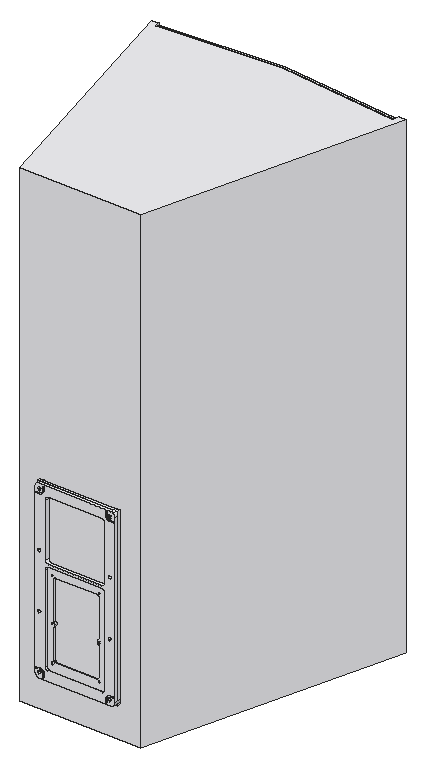
Revit family "EVF-1122D ", category Communication Devices, Revit 2017 (continued)
Definition of nested family "InputPanelV"
  Lines and regions (mm)
    model lines
      curve 865: line (24.922, -4.337, 83.63) -> (24.922, -4.337, 82.939)
      curve 866: line (24.922, -4.337, 82.939) -> (24.635, -4.337, 82.939)
      curve 867: line (24.635, -4.337, 82.939) -> (24.635, -4.337, 80.821)
      curve 868: line (24.635, -4.337, 80.821) -> (24.923, -4.337, 80.821)
      curve 869: line (24.923, -4.337, 80.821) -> (24.922, -4.337, 82.939)
      curve 870: line (2.646, -4.337, 82.333) -> (4.834, -4.337, 84.126)
      curve 871: line (4.834, -4.337, 84.126) -> (5.167, -4.337, 83.635)
      curve 872: line (8.952, -4.337, 82.333) -> (11.141, -4.337, 84.127)
      curve 873: line (11.141, -4.337, 84.127) -> (11.473, -4.337, 83.636)
      curve 874: line (2.391, -4.337, 82.36) -> (4.343, -4.337, 83.959)
      curve 875: line (4.343, -4.337, 83.959) -> (4.343, -4.337, 84.529)
      curve 876: line (4.343, -4.337, 84.529) -> (1.855, -4.337, 82.491)
      curve 877: line (8.697, -4.337, 82.36) -> (10.649, -4.337, 83.96)
      curve 878: line (10.649, -4.337, 83.96) -> (10.649, -4.337, 84.529)
      curve 879: line (10.649, -4.337, 84.529) -> (8.162, -4.337, 82.491)
      curve 880: line (15.004, -4.337, 82.361) -> (16.955, -4.337, 83.961)
      curve 881: line (16.955, -4.337, 83.961) -> (16.955, -4.337, 84.53)
      curve 882: line (16.955, -4.337, 84.53) -> (14.468, -4.337, 82.492)
      curve 883: line (15.258, -4.337, 82.334) -> (17.447, -4.337, 84.128)
      curve 884: line (17.447, -4.337, 84.128) -> (17.779, -4.337, 83.637)
      curve 885: line (21.565, -4.337, 82.335) -> (23.753, -4.337, 84.128)
      curve 886: line (23.753, -4.337, 84.128) -> (24.086, -4.337, 83.637)
      curve 887: line (21.31, -4.337, 82.362) -> (23.262, -4.337, 83.961)
      curve 888: line (23.262, -4.337, 83.961) -> (23.262, -4.337, 84.531)
      curve 889: line (23.262, -4.337, 84.531) -> (20.774, -4.337, 82.493)
      curve 890: line (21.88, -4.337, 79.397) -> (24.923, -4.337, 79.398)
      curve 891: line (24.923, -4.337, 79.398) -> (24.924, -4.337, 73.974)
      curve 892: line (24.924, -4.337, 73.974) -> (-0.302, -4.337, 73.971)
      curve 893: line (-0.302, -4.337, 73.971) -> (-0.302, -4.337, 79.395)
      curve 894: line (24.923, -4.337, 80.821) -> (24.923, -4.337, 79.398)
      curve 895: line (24.924, -4.337, 73.974) -> (24.924, -4.337, 73.648)
      curve 896: line (24.924, -4.337, 73.648) -> (-0.302, -4.337, 73.645)
      curve 897: line (-0.302, -4.337, 73.645) -> (-0.302, -4.337, 73.971)
      curve 898: line (-0.302, -4.337, 73.971) -> (-0.429, -4.337, 73.842)
      curve 899: line (-0.429, -4.337, 73.842) -> (-0.607, -4.337, 73.72)
      curve 900: line (6.303, -4.337, 73.19) -> (11.814, -4.337, 73.191)
      curve 901: line (11.814, -4.337, 73.191) -> (11.815, -4.337, 68.976)
      curve 902: line (11.815, -4.337, 68.976) -> (6.303, -4.337, 68.975)
      curve 903: line (6.303, -4.337, 68.975) -> (6.303, -4.337, 73.19)
      curve 904: line (5.707, -4.337, 68.975) -> (0.195, -4.337, 68.974)
      curve 905: line (0.195, -4.337, 68.974) -> (0.195, -4.337, 73.19)
      curve 906: line (0.195, -4.337, 73.19) -> (5.707, -4.337, 73.19)
      curve 907: line (5.707, -4.337, 73.19) -> (5.707, -4.337, 68.975)
      curve 908: line (-0.302, -4.337, 73.645) -> (-0.301, -4.337, 68.519)
      curve 909: line (-0.301, -4.337, 68.519) -> (24.924, -4.337, 68.522)
      curve 910: line (24.924, -4.337, 68.522) -> (24.924, -4.337, 73.648)
      curve 911: line (18.915, -4.337, 73.192) -> (24.427, -4.337, 73.193)
      curve 912: line (24.427, -4.337, 73.193) -> (24.428, -4.337, 68.977)
      curve 913: line (24.428, -4.337, 68.977) -> (18.916, -4.337, 68.977)
      curve 914: line (18.916, -4.337, 68.977) -> (18.915, -4.337, 73.192)
      curve 915: line (18.32, -4.337, 68.977) -> (12.808, -4.337, 68.976)
      curve 916: line (12.808, -4.337, 68.976) -> (12.808, -4.337, 73.191)
      curve 917: line (12.808, -4.337, 73.191) -> (18.319, -4.337, 73.192)
      curve 918: line (18.319, -4.337, 73.192) -> (18.32, -4.337, 68.977)
      curve 919: line (20.082, -4.337, 73.192) -> (20.082, -4.337, 71.784)
      curve 920: line (20.082, -4.337, 71.784) -> (19.394, -4.337, 71.458)
      curve 921: line (19.394, -4.337, 71.458) -> (18.916, -4.337, 71.073)
      curve 922: line (7.47, -4.337, 73.19) -> (7.47, -4.337, 71.782)
      curve 923: line (7.47, -4.337, 71.782) -> (6.782, -4.337, 71.456)
      curve 924: line (6.782, -4.337, 71.456) -> (6.303, -4.337, 71.071)
      curve 925: line (17.152, -4.337, 73.192) -> (17.153, -4.337, 71.783)
      curve 926: line (17.153, -4.337, 71.783) -> (17.841, -4.337, 71.458)
      curve 927: line (17.841, -4.337, 71.458) -> (18.32, -4.337, 71.073)
      curve 928: line (4.54, -4.337, 73.19) -> (4.54, -4.337, 71.782)
      curve 929: line (4.54, -4.337, 71.782) -> (5.228, -4.337, 71.456)
      curve 930: line (5.228, -4.337, 71.456) -> (5.707, -4.337, 71.071)
      curve 931: line (1.163, -4.337, 73.19) -> (1.163, -4.337, 71.781)
      curve 932: line (1.163, -4.337, 71.781) -> (0.475, -4.337, 71.456)
      curve 933: line (0.475, -4.337, 71.456) -> (0.195, -4.337, 71.23)
      curve 934: line (13.776, -4.337, 73.191) -> (13.776, -4.337, 71.783)
      curve 935: line (13.776, -4.337, 71.783) -> (13.088, -4.337, 71.457)
      curve 936: line (13.088, -4.337, 71.457) -> (12.808, -4.337, 71.232)
      curve 937: line (10.846, -4.337, 73.191) -> (10.846, -4.337, 71.782)
      curve 938: line (10.846, -4.337, 71.782) -> (11.534, -4.337, 71.457)
      curve 939: line (11.815, -4.337, 71.232) -> (11.534, -4.337, 71.457)
      curve 940: line (11.534, -4.337, 71.457) -> (6.782, -4.337, 71.456)
      curve 941: line (23.459, -4.337, 73.192) -> (23.459, -4.337, 71.784)
      curve 942: line (23.459, -4.337, 71.784) -> (24.147, -4.337, 71.459)
      curve 943: line (24.147, -4.337, 71.459) -> (19.394, -4.337, 71.458)
      curve 944: line (24.427, -4.337, 71.233) -> (24.147, -4.337, 71.459)
      curve 945: line (4.54, -4.337, 71.782) -> (1.163, -4.337, 71.781)
      curve 946: line (17.153, -4.337, 71.783) -> (13.776, -4.337, 71.783)
      curve 947: line (7.47, -4.337, 71.782) -> (10.846, -4.337, 71.782)
      curve 948: line (20.082, -4.337, 71.784) -> (23.459, -4.337, 71.784)
      curve 949: line (-0.868, -4.337, 73.72) -> (-0.867, -4.337, 70.587)
      curve 950: line (-0.867, -4.337, 70.587) -> (-0.606, -4.337, 70.587)
      curve 951: line (-0.606, -4.337, 70.587) -> (-0.607, -4.337, 73.72)
      curve 952: line (-0.607, -4.337, 73.72) -> (-0.868, -4.337, 73.72)
      curve 953: line (-0.868, -4.337, 73.72) -> (-0.868, -4.337, 74.301)
      curve 954: line (-0.868, -4.337, 74.301) -> (-0.607, -4.337, 74.301)
      curve 955: line (-0.607, -4.337, 74.301) -> (-0.302, -4.337, 74.179)
      curve 956: line (-0.429, -4.337, 73.842) -> (-0.429, -4.337, 70.709)
      curve 957: line (-0.429, -4.337, 70.709) -> (-0.606, -4.337, 70.587)
      curve 958: line (5.707, -4.337, 70.073) -> (0.195, -4.337, 70.073)
      curve 959: line (18.32, -4.337, 70.075) -> (12.808, -4.337, 70.074)
      curve 960: line (11.815, -4.337, 70.074) -> (6.303, -4.337, 70.073)
      curve 961: line (24.427, -4.337, 70.076) -> (18.916, -4.337, 70.075)
      curve 962: line (5.228, -4.337, 71.456) -> (0.475, -4.337, 71.456)
      curve 963: line (17.841, -4.337, 71.458) -> (13.088, -4.337, 71.457)
      curve 964: line (-0.607, -4.337, 80.716) -> (-0.869, -4.337, 80.716)
      curve 965: line (-0.869, -4.337, 80.716) -> (-0.869, -4.337, 81.297)
      curve 966: line (-0.869, -4.337, 81.297) -> (-0.608, -4.337, 81.297)
      curve 967: line (-0.608, -4.337, 81.297) -> (-0.43, -4.337, 81.175)
      curve 968: line (-0.869, -4.337, 80.716) -> (-0.868, -4.337, 77.583)
      curve 969: line (-0.868, -4.337, 77.583) -> (-0.607, -4.337, 77.584)
      curve 970: line (15.462, -4.337, 91.808) -> (14.474, -4.337, 91.647)
      curve 971: line (14.474, -4.337, 91.647) -> (13.636, -4.337, 91.189)
      curve 972: line (13.636, -4.337, 91.189) -> (13.076, -4.337, 90.502)
      curve 973: line (13.076, -4.337, 90.502) -> (12.88, -4.337, 89.693)
      curve 974: line (12.88, -4.337, 89.693) -> (13.077, -4.337, 88.883)
      curve 975: line (13.077, -4.337, 88.883) -> (13.637, -4.337, 88.197)
      curve 976: line (13.637, -4.337, 88.197) -> (14.474, -4.337, 87.739)
      curve 977: line (14.474, -4.337, 87.739) -> (15.462, -4.337, 87.578)
      curve 978: line (15.462, -4.337, 87.578) -> (16.451, -4.337, 87.739)
      curve 979: line (16.451, -4.337, 87.739) -> (17.288, -4.337, 88.198)
      curve 980: line (17.288, -4.337, 88.198) -> (17.848, -4.337, 88.884)
      curve 981: line (17.848, -4.337, 88.884) -> (18.044, -4.337, 89.694)
      curve 982: line (18.044, -4.337, 89.694) -> (17.848, -4.337, 90.503)
      curve 983: line (17.848, -4.337, 90.503) -> (17.288, -4.337, 91.189)
      curve 984: line (17.288, -4.337, 91.189) -> (16.457, -4.337, 91.644)
      curve 985: line (16.45, -4.337, 91.647) -> (15.462, -4.337, 91.932)
      curve 986: line (15.462, -4.337, 91.932) -> (15.462, -4.337, 92.623)
      curve 987: line (15.462, -4.337, 92.623) -> (15.462, -4.337, 94.741)
      curve 988: line (15.462, -4.337, 94.741) -> (21.686, -4.337, 94.74)
      curve 989: line (2.849, -4.337, 91.807) -> (1.861, -4.337, 91.646)
      curve 990: line (1.861, -4.337, 91.646) -> (1.024, -4.337, 91.187)
      curve 991: line (1.024, -4.337, 91.187) -> (0.464, -4.337, 90.501)
      curve 992: line (0.464, -4.337, 90.501) -> (0.267, -4.337, 89.691)
      curve 993: line (0.267, -4.337, 89.691) -> (0.464, -4.337, 88.882)
      curve 994: line (0.464, -4.337, 88.882) -> (1.024, -4.337, 88.196)
      curve 995: line (1.024, -4.337, 88.196) -> (1.862, -4.337, 87.737)
      curve 996: line (1.862, -4.337, 87.737) -> (2.85, -4.337, 87.577)
      curve 997: line (2.85, -4.337, 87.577) -> (3.838, -4.337, 87.738)
      curve 998: line (3.838, -4.337, 87.738) -> (4.676, -4.337, 88.196)
      curve 999: line (4.676, -4.337, 88.196) -> (5.235, -4.337, 88.883)
      curve 1000: line (5.235, -4.337, 88.883) -> (5.432, -4.337, 89.692)
      curve 1001: line (5.432, -4.337, 89.692) -> (5.235, -4.337, 90.501)
      curve 1002: line (5.235, -4.337, 90.501) -> (4.675, -4.337, 91.188)
      curve 1003: line (4.675, -4.337, 91.188) -> (3.844, -4.337, 91.642)
      curve 1004: line (3.837, -4.337, 91.646) -> (2.849, -4.337, 91.93)
      curve 1005: line (2.849, -4.337, 91.93) -> (2.849, -4.337, 92.622)
      curve 1006: line (2.849, -4.337, 92.622) -> (2.849, -4.337, 94.74)
      curve 1007: line (2.849, -4.337, 94.74) -> (9.074, -4.337, 94.739)
      curve 1008: line (21.768, -4.337, 91.809) -> (20.78, -4.337, 91.648)
      curve 1009: line (20.78, -4.337, 91.648) -> (19.942, -4.337, 91.189)
      curve 1010: line (19.942, -4.337, 91.189) -> (19.383, -4.337, 90.503)
      curve 1011: line (19.383, -4.337, 90.503) -> (19.186, -4.337, 89.694)
      curve 1012: line (19.186, -4.337, 89.694) -> (19.383, -4.337, 88.884)
      curve 1013: line (19.383, -4.337, 88.884) -> (19.943, -4.337, 88.198)
      curve 1014: line (19.943, -4.337, 88.198) -> (20.781, -4.337, 87.74)
      curve 1015: line (20.781, -4.337, 87.74) -> (21.769, -4.337, 87.579)
      curve 1016: line (21.769, -4.337, 87.579) -> (22.757, -4.337, 87.74)
      curve 1017: line (22.757, -4.337, 87.74) -> (23.594, -4.337, 88.199)
      curve 1018: line (23.594, -4.337, 88.199) -> (24.154, -4.337, 88.885)
      curve 1019: line (24.154, -4.337, 88.885) -> (24.351, -4.337, 89.694)
      curve 1020: line (24.351, -4.337, 89.694) -> (24.154, -4.337, 90.504)
      curve 1021: line (24.154, -4.337, 90.504) -> (23.594, -4.337, 91.19)
      curve 1022: line (23.594, -4.337, 91.19) -> (22.763, -4.337, 91.644)
      curve 1023: line (22.756, -4.337, 91.648) -> (21.768, -4.337, 91.932)
      curve 1024: line (21.768, -4.337, 91.932) -> (21.768, -4.337, 92.624)
      curve 1025: line (21.768, -4.337, 92.624) -> (21.768, -4.337, 94.741)
      curve 1026: line (21.768, -4.337, 94.741) -> (24.921, -4.337, 94.741)
      curve 1027: line (9.156, -4.337, 91.808) -> (8.167, -4.337, 91.646)
      curve 1028: line (8.167, -4.337, 91.646) -> (7.33, -4.337, 91.188)
      curve 1029: line (7.33, -4.337, 91.188) -> (6.77, -4.337, 90.502)
      curve 1030: line (6.77, -4.337, 90.502) -> (6.574, -4.337, 89.692)
      curve 1031: line (6.574, -4.337, 89.692) -> (6.77, -4.337, 88.883)
      curve 1032: line (6.77, -4.337, 88.883) -> (7.33, -4.337, 88.197)
      curve 1033: line (7.33, -4.337, 88.197) -> (8.168, -4.337, 87.738)
      curve 1034: line (8.168, -4.337, 87.738) -> (9.156, -4.337, 87.577)
      curve 1035: line (9.156, -4.337, 87.577) -> (10.144, -4.337, 87.738)
      curve 1036: line (10.144, -4.337, 87.738) -> (10.982, -4.337, 88.197)
      curve 1037: line (10.982, -4.337, 88.197) -> (11.542, -4.337, 88.883)
      curve 1038: line (11.542, -4.337, 88.883) -> (11.738, -4.337, 89.693)
      curve 1039: line (11.738, -4.337, 89.693) -> (11.541, -4.337, 90.502)
      curve 1040: line (11.541, -4.337, 90.502) -> (10.981, -4.337, 91.188)
      curve 1041: line (10.981, -4.337, 91.188) -> (10.151, -4.337, 91.643)
      curve 1042: line (10.144, -4.337, 91.647) -> (9.156, -4.337, 91.93)
      curve 1043: line (9.156, -4.337, 91.93) -> (9.155, -4.337, 92.622)
      curve 1044: line (9.155, -4.337, 92.622) -> (9.155, -4.337, 94.74)
      curve 1045: line (9.155, -4.337, 94.74) -> (15.351, -4.337, 94.739)
      curve 1046: line (-0.304, -4.337, 88.878) -> (-0.303, -4.337, 88.666)
      curve 1047: line (-0.303, -4.337, 88.666) -> (0.04, -4.337, 88.666)
      curve 1048: line (0.177, -4.337, 88.745) -> (0.303, -4.337, 88.878)
      curve 1049: line (0.303, -4.337, 88.878) -> (-0.304, -4.337, 88.878)
      curve 1050: line (-0.304, -4.337, 88.878) -> (-0.304, -4.337, 90.505)
      curve 1051: line (-0.304, -4.337, 90.505) -> (0.303, -4.337, 90.505)
      curve 1052: line (6.611, -4.337, 90.506) -> (5.396, -4.337, 90.505)
      curve 1053: line (12.916, -4.337, 90.506) -> (11.701, -4.337, 90.506)
      curve 1054: line (19.223, -4.337, 90.507) -> (18.008, -4.337, 90.507)
      curve 1055: line (24.922, -4.337, 88.881) -> (24.922, -4.337, 88.669)
      curve 1056: line (24.922, -4.337, 88.669) -> (24.556, -4.337, 88.669)
      curve 1057: line (24.44, -4.337, 88.748) -> (24.314, -4.337, 88.881)
      curve 1058: line (24.314, -4.337, 88.881) -> (24.922, -4.337, 88.881)
      curve 1059: line (24.922, -4.337, 88.881) -> (24.922, -4.337, 90.508)
      curve 1060: line (24.922, -4.337, 90.508) -> (24.314, -4.337, 90.508)
      curve 1061: line (18.96, -4.337, 88.668) -> (18.281, -4.337, 88.672)
      curve 1062: line (18.135, -4.337, 88.747) -> (18.008, -4.337, 88.88)
      curve 1063: line (18.008, -4.337, 88.88) -> (19.223, -4.337, 88.88)
      curve 1064: line (19.223, -4.337, 88.88) -> (19.097, -4.337, 88.747)
      curve 1065: line (12.916, -4.337, 88.879) -> (11.701, -4.337, 88.879)
      curve 1066: line (11.701, -4.337, 88.879) -> (11.827, -4.337, 88.746)
      curve 1067: line (11.943, -4.337, 88.668) -> (12.652, -4.337, 88.668)
      curve 1068: line (12.79, -4.337, 88.746) -> (12.916, -4.337, 88.879)
      curve 1069: line (6.347, -4.337, 88.667) -> (5.669, -4.337, 88.67)
      curve 1070: line (5.522, -4.337, 88.745) -> (5.396, -4.337, 88.878)
      curve 1071: line (5.396, -4.337, 88.878) -> (6.611, -4.337, 88.879)
      curve 1072: line (6.611, -4.337, 88.879) -> (6.485, -4.337, 88.745)
      curve 1073: line (12.02, -4.337, 93.315) -> (12.02, -4.337, 91.198)
      curve 1074: line (12.02, -4.337, 91.198) -> (12.597, -4.337, 91.198)
      curve 1075: line (12.597, -4.337, 91.198) -> (12.596, -4.337, 93.315)
      curve 1076: line (12.596, -4.337, 93.315) -> (12.02, -4.337, 93.315)
      curve 1077: line (18.327, -4.337, 93.316) -> (18.904, -4.337, 93.316)
      curve 1078: line (18.904, -4.337, 93.316) -> (18.904, -4.337, 91.199)
      curve 1079: line (18.904, -4.337, 91.199) -> (18.327, -4.337, 91.199)
      curve 1080: line (18.327, -4.337, 91.199) -> (18.327, -4.337, 93.316)
      curve 1081: line (5.715, -4.337, 93.315) -> (6.291, -4.337, 93.315)
      curve 1082: line (6.291, -4.337, 93.315) -> (6.291, -4.337, 91.197)
      curve 1083: line (6.291, -4.337, 91.197) -> (5.715, -4.337, 91.197)
      curve 1084: line (5.715, -4.337, 91.197) -> (5.715, -4.337, 93.315)
      curve 1085: line (24.921, -4.337, 91.199) -> (24.921, -4.337, 93.317)
      curve 1086: line (24.921, -4.337, 93.317) -> (24.632, -4.337, 93.317)
      curve 1087: line (24.632, -4.337, 93.317) -> (24.633, -4.337, 91.199)
      curve 1088: line (24.633, -4.337, 91.199) -> (24.921, -4.337, 91.199)
      curve 1089: line (24.921, -4.337, 91.199) -> (24.922, -4.337, 90.508)
      curve 1090: line (-0.304, -4.337, 90.505) -> (-0.304, -4.337, 91.196)
      curve 1091: line (-0.304, -4.337, 91.196) -> (-0.016, -4.337, 91.196)
      curve 1092: line (-0.016, -4.337, 91.196) -> (-0.016, -4.337, 93.314)
      curve 1093: line (-0.016, -4.337, 93.314) -> (-0.304, -4.337, 93.314)
      curve 1094: line (-0.304, -4.337, 93.314) -> (-0.304, -4.337, 91.196)
      curve 1095: line (15.667, -4.337, 91.802) -> (13.478, -4.337, 90.008)
      curve 1096: line (13.478, -4.337, 90.008) -> (13.145, -4.337, 90.499)
      curve 1097: line (21.973, -4.337, 91.802) -> (19.784, -4.337, 90.009)
      curve 1098: line (19.784, -4.337, 90.009) -> (19.452, -4.337, 90.5)
      curve 1099: line (15.921, -4.337, 91.775) -> (13.97, -4.337, 90.175)
      curve 1100: line (13.97, -4.337, 90.175) -> (13.97, -4.337, 89.606)
      curve 1101: line (13.97, -4.337, 89.606) -> (16.457, -4.337, 91.644)
      curve 1102: line (22.228, -4.337, 91.775) -> (20.276, -4.337, 90.176)
      curve 1103: line (20.276, -4.337, 90.176) -> (20.276, -4.337, 89.607)
      curve 1104: line (20.276, -4.337, 89.607) -> (22.763, -4.337, 91.644)
      curve 1105: line (9.36, -4.337, 91.801) -> (7.172, -4.337, 90.008)
      curve 1106: line (7.172, -4.337, 90.008) -> (6.839, -4.337, 90.499)
      curve 1107: line (3.054, -4.337, 91.8) -> (0.865, -4.337, 90.007)
      curve 1108: line (0.865, -4.337, 90.007) -> (0.533, -4.337, 90.498)
      curve 1109: line (3.309, -4.337, 91.773) -> (1.357, -4.337, 90.174)
      curve 1110: line (1.357, -4.337, 90.174) -> (1.357, -4.337, 89.604)
      curve 1111: line (1.357, -4.337, 89.604) -> (3.844, -4.337, 91.642)
      curve 1112: line (9.615, -4.337, 91.774) -> (7.663, -4.337, 90.175)
      curve 1113: line (7.663, -4.337, 90.175) -> (7.663, -4.337, 89.605)
      curve 1114: line (7.663, -4.337, 89.605) -> (10.151, -4.337, 91.643)
      curve 1115: line (2.738, -4.337, 94.738) -> (-0.304, -4.337, 94.737)
      curve 1116: line (-0.304, -4.337, 94.737) -> (-0.305, -4.337, 100.161)
      curve 1117: line (-0.305, -4.337, 100.161) -> (24.92, -4.337, 100.165)
      curve 1118: line (24.92, -4.337, 100.165) -> (24.921, -4.337, 94.741)
      curve 1119: line (24.921, -4.337, 94.741) -> (24.921, -4.337, 93.317)
      curve 1120: line (24.921, -4.337, 93.317) -> (25.049, -4.337, 96.43)
      curve 1121: line (25.049, -4.337, 96.43) -> (25.226, -4.337, 96.552)
      curve 1122: line (-0.304, -4.337, 93.314) -> (-0.304, -4.337, 94.737)
      curve 1123: line (18.316, -4.337, 100.945) -> (12.804, -4.337, 100.944)
      curve 1124: line (12.804, -4.337, 100.944) -> (12.804, -4.337, 105.159)
      curve 1125: line (12.804, -4.337, 105.159) -> (18.315, -4.337, 105.16)
      curve 1126: line (18.315, -4.337, 105.16) -> (18.316, -4.337, 100.945)
      curve 1127: line (18.911, -4.337, 105.16) -> (24.423, -4.337, 105.161)
      curve 1128: line (24.423, -4.337, 105.161) -> (24.424, -4.337, 100.946)
      curve 1129: line (24.424, -4.337, 100.946) -> (18.912, -4.337, 100.945)
      curve 1130: line (18.912, -4.337, 100.945) -> (18.911, -4.337, 105.16)
      curve 1131: line (-0.305, -4.337, 100.487) -> (24.92, -4.337, 100.49)
      curve 1132: line (24.92, -4.337, 100.49) -> (24.92, -4.337, 105.617)
      curve 1133: line (24.92, -4.337, 105.617) -> (-0.306, -4.337, 105.614)
      curve 1134: line (-0.306, -4.337, 105.614) -> (-0.305, -4.337, 100.487)
      curve 1135: line (-0.305, -4.337, 100.487) -> (-0.305, -4.337, 100.161)
      curve 1136: line (5.703, -4.337, 100.943) -> (0.192, -4.337, 100.943)
      curve 1137: line (0.192, -4.337, 100.943) -> (0.191, -4.337, 105.158)
      curve 1138: line (0.191, -4.337, 105.158) -> (5.703, -4.337, 105.159)
      curve 1139: line (5.703, -4.337, 105.159) -> (5.703, -4.337, 100.943)
      curve 1140: line (6.299, -4.337, 105.159) -> (11.811, -4.337, 105.159)
      curve 1141: line (11.811, -4.337, 105.159) -> (11.811, -4.337, 100.944)
      curve 1142: line (11.811, -4.337, 100.944) -> (6.299, -4.337, 100.943)
      curve 1143: line (6.299, -4.337, 100.943) -> (6.299, -4.337, 105.159)
      curve 1144: line (24.92, -4.337, 100.49) -> (24.92, -4.337, 100.165)
      curve 1145: line (24.92, -4.337, 100.165) -> (25.048, -4.337, 103.426)
      curve 1146: line (25.048, -4.337, 103.426) -> (25.225, -4.337, 103.548)
      curve 1147: line (25.225, -4.337, 103.548) -> (25.225, -4.337, 100.415)
      curve 1148: line (25.225, -4.337, 100.415) -> (25.048, -4.337, 100.293)
      curve 1149: line (17.149, -4.337, 100.945) -> (17.149, -4.337, 102.353)
      curve 1150: line (17.149, -4.337, 102.353) -> (17.837, -4.337, 102.679)
      curve 1151: line (17.837, -4.337, 102.679) -> (18.316, -4.337, 103.064)
      curve 1152: line (4.536, -4.337, 100.943) -> (4.536, -4.337, 102.352)
      curve 1153: line (4.536, -4.337, 102.352) -> (5.224, -4.337, 102.677)
      curve 1154: line (5.224, -4.337, 102.677) -> (5.703, -4.337, 103.062)
      curve 1155: line (7.466, -4.337, 100.944) -> (7.466, -4.337, 102.352)
      curve 1156: line (7.466, -4.337, 102.352) -> (6.778, -4.337, 102.677)
      curve 1157: line (6.778, -4.337, 102.677) -> (6.299, -4.337, 103.062)
      curve 1158: line (20.079, -4.337, 100.945) -> (20.079, -4.337, 102.354)
      curve 1159: line (20.079, -4.337, 102.354) -> (19.391, -4.337, 102.679)
      curve 1160: line (19.391, -4.337, 102.679) -> (18.912, -4.337, 103.064)
      curve 1161: line (10.843, -4.337, 100.944) -> (10.843, -4.337, 102.352)
      curve 1162: line (10.843, -4.337, 102.352) -> (11.531, -4.337, 102.678)
      curve 1163: line (11.531, -4.337, 102.678) -> (11.811, -4.337, 102.903)
      curve 1164: line (23.455, -4.337, 100.945) -> (23.455, -4.337, 102.354)
      curve 1165: line (23.455, -4.337, 102.354) -> (24.143, -4.337, 102.679)
      curve 1166: line (24.143, -4.337, 102.679) -> (24.423, -4.337, 102.905)
      curve 1167: line (13.772, -4.337, 100.944) -> (13.772, -4.337, 102.353)
      curve 1168: line (13.772, -4.337, 102.353) -> (13.084, -4.337, 102.678)
      curve 1169: line (12.804, -4.337, 102.903) -> (13.084, -4.337, 102.678)
      curve 1170: line (13.084, -4.337, 102.678) -> (17.837, -4.337, 102.679)
      curve 1171: line (1.16, -4.337, 100.943) -> (1.16, -4.337, 102.351)
      curve 1172: line (1.16, -4.337, 102.351) -> (0.472, -4.337, 102.677)
      curve 1173: line (0.472, -4.337, 102.677) -> (5.224, -4.337, 102.677)
      curve 1174: line (0.191, -4.337, 102.902) -> (0.472, -4.337, 102.677)
      curve 1175: line (7.466, -4.337, 102.352) -> (10.843, -4.337, 102.352)
      curve 1176: line (20.079, -4.337, 102.354) -> (23.455, -4.337, 102.354)
      curve 1177: line (4.536, -4.337, 102.352) -> (1.16, -4.337, 102.351)
      curve 1178: line (17.149, -4.337, 102.353) -> (13.772, -4.337, 102.353)
      curve 1179: line (25.225, -4.337, 100.415) -> (25.486, -4.337, 100.415)
      curve 1180: line (25.486, -4.337, 100.415) -> (25.486, -4.337, 103.548)
      curve 1181: line (25.486, -4.337, 103.548) -> (25.225, -4.337, 103.548)
      curve 1182: line (25.486, -4.337, 100.415) -> (25.486, -4.337, 99.834)
      curve 1183: line (25.486, -4.337, 99.834) -> (25.225, -4.337, 99.834)
      curve 1184: line (25.225, -4.337, 99.834) -> (25.048, -4.337, 99.956)
      curve 1185: line (18.911, -4.337, 104.062) -> (24.423, -4.337, 104.063)
      curve 1186: line (6.299, -4.337, 104.06) -> (11.811, -4.337, 104.061)
      curve 1187: line (0.191, -4.337, 104.06) -> (5.703, -4.337, 104.06)
      curve 1188: line (12.804, -4.337, 104.061) -> (18.316, -4.337, 104.062)
      curve 1189: line (6.778, -4.337, 102.677) -> (11.531, -4.337, 102.678)
      curve 1190: line (19.391, -4.337, 102.679) -> (24.143, -4.337, 102.679)
      curve 1191: line (25.226, -4.337, 93.419) -> (25.049, -4.337, 93.297)
      curve 1192: line (25.487, -4.337, 93.419) -> (25.226, -4.337, 93.419)
      curve 1193: line (25.226, -4.337, 93.419) -> (25.226, -4.337, 96.552)
      curve 1194: line (25.226, -4.337, 96.552) -> (25.487, -4.337, 96.552)
      curve 1195: line (25.487, -4.337, 96.552) -> (25.487, -4.337, 93.419)
      curve 1196: line (25.487, -4.337, 93.419) -> (25.487, -4.337, 92.838)
      curve 1197: line (25.487, -4.337, 92.838) -> (25.226, -4.337, 92.838)
      curve 1198: line (25.226, -4.337, 92.838) -> (25.049, -4.337, 92.96)
      curve 1199: line (-0.104, -4.337, 67.336) -> (24.727, -4.337, 67.339)
      curve 1200: line (24.672, -4.337, 67.394) -> (-0.049, -4.337, 67.391)
      curve 1201: line (25.736, -4.337, 68.348) -> (25.731, -4.337, 105.791)
      curve 1202: line (25.676, -4.337, 105.736) -> (25.681, -4.337, 68.403)
      curve 1203: line (24.722, -4.337, 106.8) -> (-0.109, -4.337, 106.797)
      curve 1204: line (-0.106, -4.337, 106.797) -> (24.667, -4.337, 106.745)
      curve 1205: line (-1.117, -4.337, 105.788) -> (-1.113, -4.337, 68.344)
      curve 1206: line (-1.058, -4.337, 68.399) -> (-1.062, -4.337, 105.733)
      curve 1207: line (9.156, -4.337, 84.938) -> (9.156, -4.337, 86.557)
      curve 1208: line (9.156, -4.337, 86.557) -> (9.156, -4.337, 86.891)
      curve 1209: line (2.85, -4.337, 84.937) -> (2.85, -4.337, 86.556)
      curve 1210: line (2.85, -4.337, 86.556) -> (2.85, -4.337, 86.889)
      curve 1211: line (15.463, -4.337, 84.938) -> (15.463, -4.337, 86.558)
      curve 1212: line (15.463, -4.337, 86.558) -> (15.462, -4.337, 86.891)
      curve 1213: line (21.769, -4.337, 84.939) -> (21.769, -4.337, 86.559)
      curve 1214: line (21.769, -4.337, 86.559) -> (21.769, -4.337, 86.892)
      curve 1215: line (15.462, -4.337, 89.197) -> (15.462, -4.337, 87.578)
      curve 1216: line (15.462, -4.337, 87.578) -> (15.462, -4.337, 87.244)
      curve 1217: line (21.769, -4.337, 89.198) -> (21.769, -4.337, 87.579)
      curve 1218: line (21.769, -4.337, 87.579) -> (21.769, -4.337, 87.246)
      curve 1219: line (9.156, -4.337, 89.197) -> (9.156, -4.337, 87.577)
      curve 1220: line (9.156, -4.337, 87.577) -> (9.156, -4.337, 87.244)
      curve 1221: line (2.85, -4.337, 89.196) -> (2.85, -4.337, 87.577)
      curve 1222: line (2.85, -4.337, 87.577) -> (2.85, -4.337, 87.243)
Definition of nested family "L-EV"
  Parameters (values of type "L-EV")
    Material = ""
    Default Elevation = 1219.20 mm
  Reference planes
    plane 1 "Center (Front/Back)": y = 0
    plane 2: z = 0
    plane 3 "Center (Left/Right)": x = 0
  Forms (mm)
    Extrusion 1, solid, not visible
      sketch origin (18.736, -0.5, -73.012) x (1, 0, 0) y (0, 0, 1)
        loop
          arc (-38.866, 94.012) -> (-39.481, 93.758) -> (-39.736, 93.143) r 0.869
          line (-39.736, 93.143) -> (-39.736, 52.882)
          arc (-39.736, 52.882) -> (-39.481, 52.267) -> (-38.866, 52.012) r 0.869
          line (-38.866, 52.012) -> (1.395, 52.012)
          arc (1.395, 52.012) -> (2.01, 52.267) -> (2.264, 52.882) r 0.869
          line (2.264, 52.882) -> (2.264, 93.143)
          arc (2.264, 93.143) -> (2.01, 93.758) -> (1.395, 94.012) r 0.869
          line (1.395, 94.012) -> (-38.866, 94.012)
      from 0 to -0.5
    Extrusion 2, solid, detail levels fine
      sketch origin (18.736, 4, -73.24) x (1, 0, 0) y (0, 0, 1)
        loop
          line (-37.736, 92.24) -> (-37.736, 54.24) -> (0.264, 54.24) -> (0.264, 92.24) -> (-37.736, 92.24)
        loop
          line (-33.659, 85.319) -> (-33.659, 66.596) -> (-21.783, 66.596) -> (-21.783, 70.665) -> (-29.2, 70.665) -> (-29.2, 73.924) -> (-21.783, 73.924) -> (-21.783, 77.992) -> (-29.2, 77.992) -> (-29.2, 81.251) -> (-21.783, 81.251) -> (-21.783, 85.319) -> (-33.659, 85.319)
        loop
          line (-20.026, 77.992) -> (-20.026, 73.924) -> (-17.153, 73.924) -> (-17.153, 59.688) -> (-12.74, 59.688) -> (-2.619, 82.277) -> (-7.421, 82.277) -> (-12.694, 70.408) -> (-12.694, 77.992) -> (-20.026, 77.992)
      from 4.5 to 5
    Extrusion 3, solid, detail levels medium+fine
      sketch origin (0, 0, 0) x (1, 0, 0) y (0, 0, 1)
        loop
          line (19.816, 21) -> (-19.816, 21)
          arc (-19.816, 21) -> (-20.653, 20.653) -> (-21, 19.816) r 1.184
          line (-21, 19.816) -> (-21, -19.816)
          arc (-21, -19.816) -> (-20.653, -20.653) -> (-19.816, -21) r 1.184
          line (-19.816, -21) -> (19.816, -21)
          arc (19.816, -21) -> (20.653, -20.653) -> (21, -19.816) r 1.184
          line (21, -19.816) -> (21, 19.816)
          arc (21, 19.816) -> (20.653, 20.653) -> (19.816, 21) r 1.184
      from -1 to 0.5
Types (36, lengths in mm): name | ProductInformation | PlanningTools | ModelNumber | MaterialRALColour | LoudspeakerMaterial | GrillMaterial | CTN | InstallationManual | Description | ArchitectsAndEngineersSpecs
  EVF1122D126BLB_Black_120X60_1X12_Two-Way | "https://www.electrovoice.com/binary/EVF-1122D-126_Engineering_Data_Sheet.PDF" | "https://www.electrovoice.com/product.php?id=1091#downloads" | "F.01U.272.606" | "RAL9004" | 13-plyWeather-resistantBirchEVCoat -RAL9004 | 16GA Powder-coatedGalvanneal - B | "EVF1122D126BLB" | "https://www.electrovoice.com/binary/EVF-1122D-126_Engineering_Data_Sheet.PDF" | "Dual DVX3159A 15” (381 mm) LF transducers. 101 dB sensitivity, 137 dB maximum SPL. System rating: 1000 W continuous, 4000 W peak. (28) M10 threaded suspension points. PI and FG versions available with gland nut and stainless-steel grille" | "https://www.electrovoice.com/binary/EVF-1122D-126_Engineering_Data_Sheet.PDF"
  EVF1122D126FBLB_Black_120X60_Fiberglass_Weatherized | "https://www.electrovoice.com/binary/EVF-1122D-126_Engineering_Data_Sheet.PDF" | "https://www.electrovoice.com/product.php?id=1091#downloads" | "F.01U.272.933" | "RAL9004" | 13-plyWeather-resistantBirchEVCoat -RAL9004 | 16GA Powder-coatedGalvanneal - B | "EVF1122D126FBLB" | "https://www.electrovoice.com/binary/EVF-1122D-126_Engineering_Data_Sheet.PDF" | "Dual DVX3159A 15” (381 mm) LF transducers. 101 dB sensitivity, 137 dB maximum SPL. System rating: 1000 W continuous, 4000 W peak. (28) M10 threaded suspension points. PI and FG versions available with gland nut and stainless-steel grille" | "https://www.electrovoice.com/binary/EVF-1122D-126_Engineering_Data_Sheet.PDF"
  EVF1122D126FWLB_White_120X60_Fiberglass_Weatherized | "https://www.electrovoice.com/binary/EVF-1122D-126_Engineering_Data_Sheet.PDF" | "https://www.electrovoice.com/product.php?id=1091#downloads" | "F.01U.272.934" | "RAL9010" | 13-plyWeather-resistantBirchEVCoat -RAL9010 | 16GA Powder-coatedGalvanneal - W | "EVF1122D126FWLB" | "https://www.electrovoice.com/binary/EVF-1122D-126_Engineering_Data_Sheet.PDF" | "Dual DVX3159A 15” (381 mm) LF transducers. 101 dB sensitivity, 137 dB maximum SPL. System rating: 1000 W continuous, 4000 W peak. (28) M10 threaded suspension points. PI and FG versions available with gland nut and stainless-steel grille" | "https://www.electrovoice.com/binary/EVF-1122D-126_Engineering_Data_Sheet.PDF"
  EVF1122D126PBLB_Black_120X60_1X12_Weatherized | "https://www.electrovoice.com/binary/EVF-1122D-126_Engineering_Data_Sheet.PDF" | "https://www.electrovoice.com/product.php?id=1091#downloads" | "F.01U.272.608" | "RAL9004" | 13-plyWeather-resistantBirchEVCoat -RAL9004 | 16GA Powder-coatedGalvanneal - B | "EVF1122D126PBLB" | "https://www.electrovoice.com/binary/EVF-1122D-126_Engineering_Data_Sheet.PDF" | "Dual DVX3159A 15” (381 mm) LF transducers. 101 dB sensitivity, 137 dB maximum SPL. System rating: 1000 W continuous, 4000 W peak. (28) M10 threaded suspension points. PI and FG versions available with gland nut and stainless-steel grille" | "https://www.electrovoice.com/binary/EVF-1122D-126_Engineering_Data_Sheet.PDF"
  EVF1122D126PWLB_White_120X60_1X12_Weatherized | "https://www.electrovoice.com/binary/EVF-1122D-126_Engineering_Data_Sheet.PDF" | "https://www.electrovoice.com/product.php?id=1091#downloads" | "F.01U.272.609" | "RAL9010" | 13-plyWeather-resistantBirchEVCoat -RAL9010 | 16GA Powder-coatedGalvanneal - W | "EVF1122D126PWLB" | "https://www.electrovoice.com/binary/EVF-1122D-126_Engineering_Data_Sheet.PDF" | "Dual DVX3159A 15” (381 mm) LF transducers. 101 dB sensitivity, 137 dB maximum SPL. System rating: 1000 W continuous, 4000 W peak. (28) M10 threaded suspension points. PI and FG versions available with gland nut and stainless-steel grille" | "https://www.electrovoice.com/binary/EVF-1122D-126_Engineering_Data_Sheet.PDF"
  EVF1122D126WLB_White_120X60_1X12_Two-Way | "https://www.electrovoice.com/binary/EVF-1122D-126_Engineering_Data_Sheet.PDF" | "https://www.electrovoice.com/product.php?id=1091#downloads" | "F.01U.272.607" | "RAL9010" | 13-plyWeather-resistantBirchEVCoat -RAL9010 | 16GA Powder-coatedGalvanneal - W | "EVF1122D126WLB" | "https://www.electrovoice.com/binary/EVF-1122D-126_Engineering_Data_Sheet.PDF" | "Dual DVX3159A 15” (381 mm) LF transducers. 101 dB sensitivity, 137 dB maximum SPL. System rating: 1000 W continuous, 4000 W peak. (28) M10 threaded suspension points. PI and FG versions available with gland nut and stainless-steel grille" | "https://www.electrovoice.com/binary/EVF-1122D-126_Engineering_Data_Sheet.PDF"
  EVF1122D64BLB_Black_60X40_1X12_Two-Way | "https://www.electrovoice.com/binary/EVF-1122D-64_Engineering_Data_Sheet.PDF" | "https://www.electrovoice.com/product.php?id=1086#downloads" | "F.01U.272.586" | "RAL9004" | 13-plyWeather-resistantBirchEVCoat -RAL9004 | 16GA Powder-coatedGalvanneal - B | "EVF1122D64BLB" | "https://www.electrovoice.com/binary/EVF-1122D-64_Engineering_Data_Sheet.PDF" | "DH7N 76 mm diaphragm, 36 mm exit pure titanium compression driver. Coverage pattern: 60° x 40° Constant Directivity, 12” rotatable waveguide. 97 dB sensitivity, 131 dB maximum SPL. System rating: 600 W continuous, 2400 W peak. Active rating: LF 500 W/HF 75 W continuous. (22) M10 threaded suspension points. PI version available with gland nut and stainless-steel grille" | "https://www.electrovoice.com/binary/EVF-1122D-64_Engineering_Data_Sheet.PDF"
  EVF1122D64FBLB_Black_60X40_Fiberglass_Weatherized | "https://www.electrovoice.com/binary/EVF-1122D-64_Engineering_Data_Sheet.PDF" | "https://www.electrovoice.com/product.php?id=1086#downloads" | "F.01U.272.923" | "RAL9004" | 13-plyWeather-resistantBirchEVCoat -RAL9004 | 16GA Powder-coatedGalvanneal - B | "EVF1122D64FBLB" | "https://www.electrovoice.com/binary/EVF-1122D-64_Engineering_Data_Sheet.PDF" | "DH7N 76 mm diaphragm, 36 mm exit pure titanium compression driver. Coverage pattern: 60° x 40° Constant Directivity, 12” rotatable waveguide. 97 dB sensitivity, 131 dB maximum SPL. System rating: 600 W continuous, 2400 W peak. Active rating: LF 500 W/HF 75 W continuous. (22) M10 threaded suspension points. PI version available with gland nut and stainless-steel grille" | "https://www.electrovoice.com/binary/EVF-1122D-64_Engineering_Data_Sheet.PDF"
  EVF1122D64FWLB_White_60X40_Fiberglass_Weatherized | "https://www.electrovoice.com/binary/EVF-1122D-64_Engineering_Data_Sheet.PDF" | "https://www.electrovoice.com/product.php?id=1086#downloads" | "F.01U.272.924" | "RAL9010" | 13-plyWeather-resistantBirchEVCoat -RAL9010 | 16GA Powder-coatedGalvanneal - W | "EVF1122D64FWLB" | "https://www.electrovoice.com/binary/EVF-1122D-64_Engineering_Data_Sheet.PDF" | "DH7N 76 mm diaphragm, 36 mm exit pure titanium compression driver. Coverage pattern: 60° x 40° Constant Directivity, 12” rotatable waveguide. 97 dB sensitivity, 131 dB maximum SPL. System rating: 600 W continuous, 2400 W peak. Active rating: LF 500 W/HF 75 W continuous. (22) M10 threaded suspension points. PI version available with gland nut and stainless-steel grille" | "https://www.electrovoice.com/binary/EVF-1122D-64_Engineering_Data_Sheet.PDF"
  EVF1122D64PBLB_Black_60X40_1X12_Weatherized | "https://www.electrovoice.com/binary/EVF-1122D-64_Engineering_Data_Sheet.PDF" | "https://www.electrovoice.com/product.php?id=1086#downloads" | "F.01U.272.588" | "RAL9004" | 13-plyWeather-resistantBirchEVCoat -RAL9004 | 16GA Powder-coatedGalvanneal - B | "EVF1122D64PBLB" | "https://www.electrovoice.com/binary/EVF-1122D-64_Engineering_Data_Sheet.PDF" | "DH7N 76 mm diaphragm, 36 mm exit pure titanium compression driver. Coverage pattern: 60° x 40° Constant Directivity, 12” rotatable waveguide. 97 dB sensitivity, 131 dB maximum SPL. System rating: 600 W continuous, 2400 W peak. Active rating: LF 500 W/HF 75 W continuous. (22) M10 threaded suspension points. PI version available with gland nut and stainless-steel grille" | "https://www.electrovoice.com/binary/EVF-1122D-64_Engineering_Data_Sheet.PDF"
  EVF1122D64PIWLB_White_60X40_1X12_Weatherized | "https://www.electrovoice.com/binary/EVF-1122D-64_Engineering_Data_Sheet.PDF" | "https://www.electrovoice.com/product.php?id=1086#downloads" | "F.01U.272.589" | "RAL9010" | 13-plyWeather-resistantBirchEVCoat -RAL9010 | 16GA Powder-coatedGalvanneal - W | "EVF1122D64PIWLB" | "https://www.electrovoice.com/binary/EVF-1122D-64_Engineering_Data_Sheet.PDF" | "DH7N 76 mm diaphragm, 36 mm exit pure titanium compression driver. Coverage pattern: 60° x 40° Constant Directivity, 12” rotatable waveguide. 97 dB sensitivity, 131 dB maximum SPL. System rating: 600 W continuous, 2400 W peak. Active rating: LF 500 W/HF 75 W continuous. (22) M10 threaded suspension points. PI version available with gland nut and stainless-steel grille" | "https://www.electrovoice.com/binary/EVF-1122D-64_Engineering_Data_Sheet.PDF"
  EVF1122D64WLB_White_60X40_1X12_Two-Way | "https://www.electrovoice.com/binary/EVF-1122D-64_Engineering_Data_Sheet.PDF" | "https://www.electrovoice.com/product.php?id=1086#downloads" | "F.01U.272.587" | "RAL9010" | 13-plyWeather-resistantBirchEVCoat -RAL9010 | 16GA Powder-coatedGalvanneal - W | "EVF1122D64WLB" | "https://www.electrovoice.com/binary/EVF-1122D-64_Engineering_Data_Sheet.PDF" | "DH7N 76 mm diaphragm, 36 mm exit pure titanium compression driver. Coverage pattern: 60° x 40° Constant Directivity, 12” rotatable waveguide. 97 dB sensitivity, 131 dB maximum SPL. System rating: 600 W continuous, 2400 W peak. Active rating: LF 500 W/HF 75 W continuous. (22) M10 threaded suspension points. PI version available with gland nut and stainless-steel grille" | "https://www.electrovoice.com/binary/EVF-1122D-64_Engineering_Data_Sheet.PDF"
  EVF1122D66BLB_Black_60x60_1X12_Two-Way | "http://www.electrovoice.com/binary/EVF-1122D-66_Engineering_Data_Sheet.PDF" | "https://www.electrovoice.com/product.php?id=1087#downloads" | "F.01U.272.590" | "RAL9004" | 13-plyWeather-resistantBirchEVCoat -RAL9004 | 16GA Powder-coatedGalvanneal - B | "EVF1122D66BLB" | "http://www.electrovoice.com/binary/EVF-1122D-66_Engineering_Data_Sheet.PDF" | "DH7N 76 mm diaphragm, 36 mm exit pure titanium compression driver. Coverage pattern: 60° x 60° Constant DirectivityTM 12” rotatable waveguide. 97 dB sensitivity, 131 dB maximum SPL. System rating: 600 W continuous, 2400 W peak. Active rating: LF 500 W/HF 75 W continuous (2000 W/300 W peak). (22) M10 threaded suspension points. PI version available with gland nut and stainless-steel grille" | "http://www.electrovoice.com/binary/EVF-1122D-66_Engineering_Data_Sheet.PDF"
  EVF1122D66FBLB_Black_60x60_Fiberglass_Weatherized | "http://www.electrovoice.com/binary/EVF-1122D-66_Engineering_Data_Sheet.PDF" | "https://www.electrovoice.com/product.php?id=1087#downloads" | "F.01U.272.925" | "RAL9004" | 13-plyWeather-resistantBirchEVCoat -RAL9004 | 16GA Powder-coatedGalvanneal - B | "EVF1122D66FBLB" | "http://www.electrovoice.com/binary/EVF-1122D-66_Engineering_Data_Sheet.PDF" | "DH7N 76 mm diaphragm, 36 mm exit pure titanium compression driver. Coverage pattern: 60° x 60° Constant DirectivityTM 12” rotatable waveguide. 97 dB sensitivity, 131 dB maximum SPL. System rating: 600 W continuous, 2400 W peak. Active rating: LF 500 W/HF 75 W continuous (2000 W/300 W peak). (22) M10 threaded suspension points. PI version available with gland nut and stainless-steel grille" | "http://www.electrovoice.com/binary/EVF-1122D-66_Engineering_Data_Sheet.PDF"
  EVF1122D66PIWLB_White_60X60_1X12_Weatherized | "http://www.electrovoice.com/binary/EVF-1122D-66_Engineering_Data_Sheet.PDF" | "https://www.electrovoice.com/product.php?id=1087#downloads" | "F.01U.272.593" | "RAL9010" | 13-plyWeather-resistantBirchEVCoat -RAL9010 | 16GA Powder-coatedGalvanneal - W | "EVF1122D66PIWLB" | "http://www.electrovoice.com/binary/EVF-1122D-66_Engineering_Data_Sheet.PDF" | "DH7N 76 mm diaphragm, 36 mm exit pure titanium compression driver. Coverage pattern: 60° x 60° Constant DirectivityTM 12” rotatable waveguide. 97 dB sensitivity, 131 dB maximum SPL. System rating: 600 W continuous, 2400 W peak. Active rating: LF 500 W/HF 75 W continuous (2000 W/300 W peak). (22) M10 threaded suspension points. PI version available with gland nut and stainless-steel grille" | "http://www.electrovoice.com/binary/EVF-1122D-66_Engineering_Data_Sheet.PDF"
  EVF1122D66WLB_White_60X60_1X12_Two-Way | "http://www.electrovoice.com/binary/EVF-1122D-66_Engineering_Data_Sheet.PDF" | "https://www.electrovoice.com/product.php?id=1087#downloads" | "F.01U.272.591" | "RAL9010" | 13-plyWeather-resistantBirchEVCoat -RAL9010 | 16GA Powder-coatedGalvanneal - W | "EVF1122D66WLB" | "http://www.electrovoice.com/binary/EVF-1122D-66_Engineering_Data_Sheet.PDF" | "DH7N 76 mm diaphragm, 36 mm exit pure titanium compression driver. Coverage pattern: 60° x 60° Constant DirectivityTM 12” rotatable waveguide. 97 dB sensitivity, 131 dB maximum SPL. System rating: 600 W continuous, 2400 W peak. Active rating: LF 500 W/HF 75 W continuous (2000 W/300 W peak). (22) M10 threaded suspension points. PI version available with gland nut and stainless-steel grille" | "http://www.electrovoice.com/binary/EVF-1122D-66_Engineering_Data_Sheet.PDF"
  EVF1122D94BLB_Black_90X40_1X12_Two-Way | "https://www.electrovoice.com/binary/EVF-1122D-94_Engineering_Data_Sheet.PDF" | "https://www.electrovoice.com/product.php?id=1088#downloads" | "F.01U.272.594" | "RAL9004" | 13-plyWeather-resistantBirchEVCoat -RAL9004 | 16GA Powder-coatedGalvanneal - B | "EVF1122D94BLB" | "https://www.electrovoice.com/binary/EVF-1122D-94_Engineering_Data_Sheet.PDF" | "DH7N 76 mm diaphragm, 36 mm exit pure titanium compression driver.  Coverage pattern: 90° x 40° Constant DirectivityTM 12” rotatable waveguide, 97 dB sensitivity, 131 dB maximum SPL. System rating: 600 W continuous, 2400 W peak. Active rating: LF 500 W/HF 75 W continuous (2000 W/300 W peak). (22) M10 threaded suspension points. PI version available with gland nut and stainless-steel grille" | "https://www.electrovoice.com/binary/EVF-1122D-94_Engineering_Data_Sheet.PDF"
  EVF1122D94FWLB_White_90X40_Fiberglass_Weatherized | "https://www.electrovoice.com/binary/EVF-1122D-94_Engineering_Data_Sheet.PDF" | "https://www.electrovoice.com/product.php?id=1088#downloads" | "F.01U.272.928" | "RAL9010" | 13-plyWeather-resistantBirchEVCoat -RAL9010 | 16GA Powder-coatedGalvanneal - W | "EVF1122D94FWLB" | "https://www.electrovoice.com/binary/EVF-1122D-94_Engineering_Data_Sheet.PDF" | "DH7N 76 mm diaphragm, 36 mm exit pure titanium compression driver.  Coverage pattern: 90° x 40° Constant DirectivityTM 12” rotatable waveguide, 97 dB sensitivity, 131 dB maximum SPL. System rating: 600 W continuous, 2400 W peak. Active rating: LF 500 W/HF 75 W continuous (2000 W/300 W peak). (22) M10 threaded suspension points. PI version available with gland nut and stainless-steel grille" | "https://www.electrovoice.com/binary/EVF-1122D-94_Engineering_Data_Sheet.PDF"
  EVF1122D94FBLB_Black_90X40_Fiberglass_Weatherized | "https://www.electrovoice.com/binary/EVF-1122D-94_Engineering_Data_Sheet.PDF" | "https://www.electrovoice.com/product.php?id=1088#downloads" | "F.01U.272.927" | "RAL9004" | 13-plyWeather-resistantBirchEVCoat -RAL9004 | 16GA Powder-coatedGalvanneal - B | "EVF1122D94FBLB" | "https://www.electrovoice.com/binary/EVF-1122D-94_Engineering_Data_Sheet.PDF" | "DH7N 76 mm diaphragm, 36 mm exit pure titanium compression driver.  Coverage pattern: 90° x 40° Constant DirectivityTM 12” rotatable waveguide, 97 dB sensitivity, 131 dB maximum SPL. System rating: 600 W continuous, 2400 W peak. Active rating: LF 500 W/HF 75 W continuous (2000 W/300 W peak). (22) M10 threaded suspension points. PI version available with gland nut and stainless-steel grille" | "https://www.electrovoice.com/binary/EVF-1122D-94_Engineering_Data_Sheet.PDF"
  EVF1122D94PBLB_Black_90X40_1X12_Weatherized | "https://www.electrovoice.com/binary/EVF-1122D-94_Engineering_Data_Sheet.PDF" | "https://www.electrovoice.com/product.php?id=1088#downloads" | "F.01U.272.596" | "RAL9004" | 13-plyWeather-resistantBirchEVCoat -RAL9004 | 16GA Powder-coatedGalvanneal - B | "EVF1122D94PBLB" | "https://www.electrovoice.com/binary/EVF-1122D-94_Engineering_Data_Sheet.PDF" | "DH7N 76 mm diaphragm, 36 mm exit pure titanium compression driver.  Coverage pattern: 90° x 40° Constant DirectivityTM 12” rotatable waveguide, 97 dB sensitivity, 131 dB maximum SPL. System rating: 600 W continuous, 2400 W peak. Active rating: LF 500 W/HF 75 W continuous (2000 W/300 W peak). (22) M10 threaded suspension points. PI version available with gland nut and stainless-steel grille" | "https://www.electrovoice.com/binary/EVF-1122D-94_Engineering_Data_Sheet.PDF"
  EVF1122D94PIWLB_White_90X40_1X12_Weatherized | "https://www.electrovoice.com/binary/EVF-1122D-94_Engineering_Data_Sheet.PDF" | "https://www.electrovoice.com/product.php?id=1088#downloads" | "F.01U.272.597" | "RAL9010" | 13-plyWeather-resistantBirchEVCoat -RAL9010 | 16GA Powder-coatedGalvanneal - W | "EVF1122D94PIWLB" | "https://www.electrovoice.com/binary/EVF-1122D-94_Engineering_Data_Sheet.PDF" | "DH7N 76 mm diaphragm, 36 mm exit pure titanium compression driver.  Coverage pattern: 90° x 40° Constant DirectivityTM 12” rotatable waveguide, 97 dB sensitivity, 131 dB maximum SPL. System rating: 600 W continuous, 2400 W peak. Active rating: LF 500 W/HF 75 W continuous (2000 W/300 W peak). (22) M10 threaded suspension points. PI version available with gland nut and stainless-steel grille" | "https://www.electrovoice.com/binary/EVF-1122D-94_Engineering_Data_Sheet.PDF"
  EVF1122D94WLB_White_90X40_1X12_Two-Way | "https://www.electrovoice.com/binary/EVF-1122D-94_Engineering_Data_Sheet.PDF" | "https://www.electrovoice.com/product.php?id=1088#downloads" | "F.01U.272.595" | "RAL9010" | 13-plyWeather-resistantBirchEVCoat -RAL9010 | 16GA Powder-coatedGalvanneal - W | "EVF1122D94WLB" | "https://www.electrovoice.com/binary/EVF-1122D-94_Engineering_Data_Sheet.PDF" | "DH7N 76 mm diaphragm, 36 mm exit pure titanium compression driver.  Coverage pattern: 90° x 40° Constant DirectivityTM 12” rotatable waveguide, 97 dB sensitivity, 131 dB maximum SPL. System rating: 600 W continuous, 2400 W peak. Active rating: LF 500 W/HF 75 W continuous (2000 W/300 W peak). (22) M10 threaded suspension points. PI version available with gland nut and stainless-steel grille" | "https://www.electrovoice.com/binary/EVF-1122D-94_Engineering_Data_Sheet.PDF"
  EVF1122D96BLB_Black_90X60_1X12_Two-Way | "https://www.electrovoice.com/binary/EVF-1122D-96_Engineering_Data_Sheet.PDF" | "https://www.electrovoice.com/product.php?id=1089#downloads" | "F.01U.272.598" | "RAL9004" | 13-plyWeather-resistantBirchEVCoat -RAL9004 | 16GA Powder-coatedGalvanneal - B | "EVF1122D96BLB" | "https://www.electrovoice.com/binary/EVF-1122D-96_Engineering_Data_Sheet.PDF" | "DH7N 76 mm diaphragm, 36 mm exit pure titanium compression driver.  Coverage pattern: 90° x 60° Constant DirectivityTM 12” rotatable waveguide, 97 dB sensitivity, 131 dB maximum SPL. System rating: 600 W continuous, 2400 W peak. Active rating: LF 500 W/HF 75 W continuous (2000 W/300 W peak). (22) M10 threaded suspension points. PI version available with gland nut and stainless-steel grille" | "https://www.electrovoice.com/binary/EVF-1122D-96_Engineering_Data_Sheet.PDF"
  EVF1122D96FBLB_Black_90X60_Fiberglass_Weatherized | "https://www.electrovoice.com/binary/EVF-1122D-96_Engineering_Data_Sheet.PDF" | "https://www.electrovoice.com/product.php?id=1089#downloads" | "F.01U.272.929" | "RAL9004" | 13-plyWeather-resistantBirchEVCoat -RAL9004 | 16GA Powder-coatedGalvanneal - B | "EVF1122D96FBLB" | "https://www.electrovoice.com/binary/EVF-1122D-96_Engineering_Data_Sheet.PDF" | "DH7N 76 mm diaphragm, 36 mm exit pure titanium compression driver.  Coverage pattern: 90° x 60° Constant DirectivityTM 12” rotatable waveguide, 97 dB sensitivity, 131 dB maximum SPL. System rating: 600 W continuous, 2400 W peak. Active rating: LF 500 W/HF 75 W continuous (2000 W/300 W peak). (22) M10 threaded suspension points. PI version available with gland nut and stainless-steel grille" | "https://www.electrovoice.com/binary/EVF-1122D-96_Engineering_Data_Sheet.PDF"
  EVF1122D96FWLB_White_90X60_Fiberglass_Weatherized | "https://www.electrovoice.com/binary/EVF-1122D-96_Engineering_Data_Sheet.PDF" | "https://www.electrovoice.com/product.php?id=1089#downloads" | "F.01U.272.930" | "RAL9010" | 13-plyWeather-resistantBirchEVCoat -RAL9010 | 16GA Powder-coatedGalvanneal - W | "EVF1122D96FWLB" | "https://www.electrovoice.com/binary/EVF-1122D-96_Engineering_Data_Sheet.PDF" | "DH7N 76 mm diaphragm, 36 mm exit pure titanium compression driver.  Coverage pattern: 90° x 60° Constant DirectivityTM 12” rotatable waveguide, 97 dB sensitivity, 131 dB maximum SPL. System rating: 600 W continuous, 2400 W peak. Active rating: LF 500 W/HF 75 W continuous (2000 W/300 W peak). (22) M10 threaded suspension points. PI version available with gland nut and stainless-steel grille" | "https://www.electrovoice.com/binary/EVF-1122D-96_Engineering_Data_Sheet.PDF"
  EVF1122D96PBLB_Black_90X60_1X12_Weatherized | "https://www.electrovoice.com/binary/EVF-1122D-96_Engineering_Data_Sheet.PDF" | "https://www.electrovoice.com/product.php?id=1089#downloads" | "F.01U.272.600" | "RAL9004" | 13-plyWeather-resistantBirchEVCoat -RAL9004 | 16GA Powder-coatedGalvanneal - B | "EVF1122D96PBLB" | "https://www.electrovoice.com/binary/EVF-1122D-96_Engineering_Data_Sheet.PDF" | "DH7N 76 mm diaphragm, 36 mm exit pure titanium compression driver.  Coverage pattern: 90° x 60° Constant DirectivityTM 12” rotatable waveguide, 97 dB sensitivity, 131 dB maximum SPL. System rating: 600 W continuous, 2400 W peak. Active rating: LF 500 W/HF 75 W continuous (2000 W/300 W peak). (22) M10 threaded suspension points. PI version available with gland nut and stainless-steel grille" | "https://www.electrovoice.com/binary/EVF-1122D-96_Engineering_Data_Sheet.PDF"
  EVF1122D96PIWLB_White_90X60_1X12_Weatherized | "https://www.electrovoice.com/binary/EVF-1122D-96_Engineering_Data_Sheet.PDF" | "https://www.electrovoice.com/product.php?id=1089#downloads" | "F.01U.272.601" | "RAL9010" | 13-plyWeather-resistantBirchEVCoat -RAL9010 | 16GA Powder-coatedGalvanneal - W | "EVF1122D96PIWLB" | "https://www.electrovoice.com/binary/EVF-1122D-96_Engineering_Data_Sheet.PDF" | "DH7N 76 mm diaphragm, 36 mm exit pure titanium compression driver.  Coverage pattern: 90° x 60° Constant DirectivityTM 12” rotatable waveguide, 97 dB sensitivity, 131 dB maximum SPL. System rating: 600 W continuous, 2400 W peak. Active rating: LF 500 W/HF 75 W continuous (2000 W/300 W peak). (22) M10 threaded suspension points. PI version available with gland nut and stainless-steel grille" | "https://www.electrovoice.com/binary/EVF-1122D-96_Engineering_Data_Sheet.PDF"
  EVF1122D96WLB_White_90X60_1X12_Two-Way | "https://www.electrovoice.com/binary/EVF-1122D-96_Engineering_Data_Sheet.PDF" | "https://www.electrovoice.com/product.php?id=1089#downloads" | "F.01U.272.599" | "RAL9010" | 13-plyWeather-resistantBirchEVCoat -RAL9010 | 16GA Powder-coatedGalvanneal - W | "EVF1122D96WLB" | "https://www.electrovoice.com/binary/EVF-1122D-96_Engineering_Data_Sheet.PDF" | "DH7N 76 mm diaphragm, 36 mm exit pure titanium compression driver.  Coverage pattern: 90° x 60° Constant DirectivityTM 12” rotatable waveguide, 97 dB sensitivity, 131 dB maximum SPL. System rating: 600 W continuous, 2400 W peak. Active rating: LF 500 W/HF 75 W continuous (2000 W/300 W peak). (22) M10 threaded suspension points. PI version available with gland nut and stainless-steel grille" | "https://www.electrovoice.com/binary/EVF-1122D-96_Engineering_Data_Sheet.PDF"
  EVF1122D99BLB_Black_90X90_1X12_Two-Way | "https://www.electrovoice.com/binary/EVF-1122D-96_Engineering_Data_Sheet.PDF" | "https://www.electrovoice.com/product.php?id=1090#downloads" | "F.01U.272.602" | "RAL9004" | 13-plyWeather-resistantBirchEVCoat -RAL9004 | 16GA Powder-coatedGalvanneal - B | "EVF1122D99BLB" | "https://www.electrovoice.com/binary/EVF-1122D-96_Engineering_Data_Sheet.PDF" | "DH7N 76 mm diaphragm, 36 mm exit pure titanium compression driver.  Coverage pattern: 90° x 60° Constant DirectivityTM 12” rotatable waveguide, 97 dB sensitivity, 131 dB maximum SPL. System rating: 600 W continuous, 2400 W peak. Active rating: LF 500 W/HF 75 W continuous (2000 W/300 W peak). (22) M10 threaded suspension points. PI version available with gland nut and stainless-steel grille" | "https://www.electrovoice.com/binary/EVF-1122D-96_Engineering_Data_Sheet.PDF"
  EVF1122D99FBLB_Black_90X90_Fiberglass_Weatherized | "https://www.electrovoice.com/binary/EVF-1122D-96_Engineering_Data_Sheet.PDF" | "https://www.electrovoice.com/product.php?id=1090#downloads" | "F.01U.272.931" | "RAL9004" | 13-plyWeather-resistantBirchEVCoat -RAL9004 | 16GA Powder-coatedGalvanneal - B | "EVF1122D99FBLB" | "https://www.electrovoice.com/binary/EVF-1122D-96_Engineering_Data_Sheet.PDF" | "DH7N 76 mm diaphragm, 36 mm exit pure titanium compression driver.  Coverage pattern: 90° x 60° Constant DirectivityTM 12” rotatable waveguide, 97 dB sensitivity, 131 dB maximum SPL. System rating: 600 W continuous, 2400 W peak. Active rating: LF 500 W/HF 75 W continuous (2000 W/300 W peak). (22) M10 threaded suspension points. PI version available with gland nut and stainless-steel grille" | "https://www.electrovoice.com/binary/EVF-1122D-96_Engineering_Data_Sheet.PDF"
  EVF1122D99FWLB_White_90X90_Fiberglass_Weatherized | "https://www.electrovoice.com/binary/EVF-1122D-96_Engineering_Data_Sheet.PDF" | "https://www.electrovoice.com/product.php?id=1090#downloads" | "F.01U.272.932" | "RAL9010" | 13-plyWeather-resistantBirchEVCoat -RAL9010 | 16GA Powder-coatedGalvanneal - W | "EVF1122D99FWLB" | "https://www.electrovoice.com/binary/EVF-1122D-96_Engineering_Data_Sheet.PDF" | "DH7N 76 mm diaphragm, 36 mm exit pure titanium compression driver.  Coverage pattern: 90° x 60° Constant DirectivityTM 12” rotatable waveguide, 97 dB sensitivity, 131 dB maximum SPL. System rating: 600 W continuous, 2400 W peak. Active rating: LF 500 W/HF 75 W continuous (2000 W/300 W peak). (22) M10 threaded suspension points. PI version available with gland nut and stainless-steel grille" | "https://www.electrovoice.com/binary/EVF-1122D-96_Engineering_Data_Sheet.PDF"
  EVF1122D99PBLB_Black_90X90_1X12_Weatherized | "https://www.electrovoice.com/binary/EVF-1122D-96_Engineering_Data_Sheet.PDF" | "https://www.electrovoice.com/product.php?id=1090#downloads" | "F.01U.272.604" | "RAL9004" | 13-plyWeather-resistantBirchEVCoat -RAL9004 | 16GA Powder-coatedGalvanneal - B | "EVF1122D99PBLB" | "https://www.electrovoice.com/binary/EVF-1122D-96_Engineering_Data_Sheet.PDF" | "DH7N 76 mm diaphragm, 36 mm exit pure titanium compression driver.  Coverage pattern: 90° x 60° Constant DirectivityTM 12” rotatable waveguide, 97 dB sensitivity, 131 dB maximum SPL. System rating: 600 W continuous, 2400 W peak. Active rating: LF 500 W/HF 75 W continuous (2000 W/300 W peak). (22) M10 threaded suspension points. PI version available with gland nut and stainless-steel grille" | "https://www.electrovoice.com/binary/EVF-1122D-96_Engineering_Data_Sheet.PDF"
  EVF1122D99PIWLB_White_90X90_1X12_Weatherized | "https://www.electrovoice.com/binary/EVF-1122D-96_Engineering_Data_Sheet.PDF" | "https://www.electrovoice.com/product.php?id=1090#downloads" | "F.01U.272.605" | "RAL9010" | 13-plyWeather-resistantBirchEVCoat -RAL9010 | 16GA Powder-coatedGalvanneal - W | "EVF1122D99PIWLB" | "https://www.electrovoice.com/binary/EVF-1122D-96_Engineering_Data_Sheet.PDF" | "DH7N 76 mm diaphragm, 36 mm exit pure titanium compression driver.  Coverage pattern: 90° x 60° Constant DirectivityTM 12” rotatable waveguide, 97 dB sensitivity, 131 dB maximum SPL. System rating: 600 W continuous, 2400 W peak. Active rating: LF 500 W/HF 75 W continuous (2000 W/300 W peak). (22) M10 threaded suspension points. PI version available with gland nut and stainless-steel grille" | "https://www.electrovoice.com/binary/EVF-1122D-96_Engineering_Data_Sheet.PDF"
  EVF1122D99WLB_White_90X90_1X12_Two-Way | "https://www.electrovoice.com/binary/EVF-1122D-96_Engineering_Data_Sheet.PDF" | "https://www.electrovoice.com/product.php?id=1090#downloads" | "F.01U.272.603" | "RAL9010" | 13-plyWeather-resistantBirchEVCoat -RAL9010 | 16GA Powder-coatedGalvanneal - W | "EVF1122D99WLB" | "https://www.electrovoice.com/binary/EVF-1122D-96_Engineering_Data_Sheet.PDF" | "DH7N 76 mm diaphragm, 36 mm exit pure titanium compression driver.  Coverage pattern: 90° x 60° Constant DirectivityTM 12” rotatable waveguide, 97 dB sensitivity, 131 dB maximum SPL. System rating: 600 W continuous, 2400 W peak. Active rating: LF 500 W/HF 75 W continuous (2000 W/300 W peak). (22) M10 threaded suspension points. PI version available with gland nut and stainless-steel grille" | "https://www.electrovoice.com/binary/EVF-1122D-96_Engineering_Data_Sheet.PDF"
